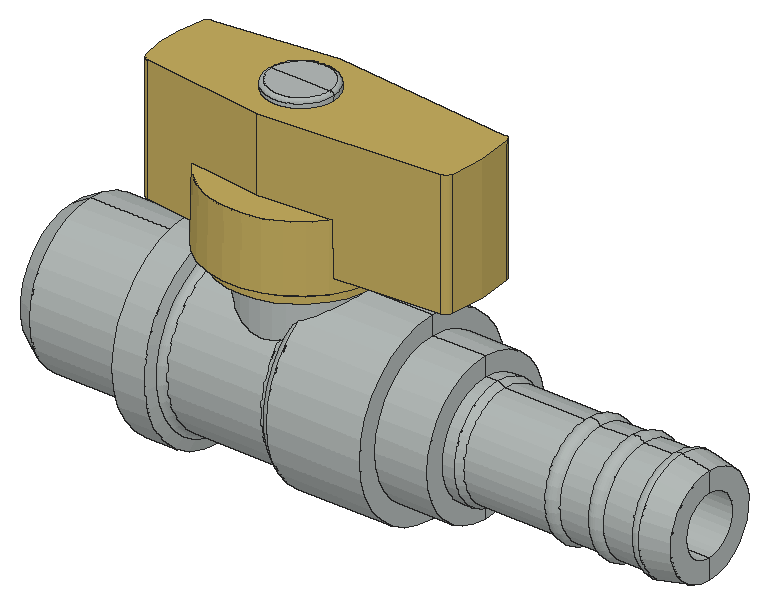
Revit family "QP21930000", category Apparecchi idraulici, Revit 2020
Family settings
  Quota connettore circolare = Usa diametro
  Tipo di parte = Normale
  Numero OmniClass = 23.45.00.00
  Titolo OmniClass = Sanitary, Laundry, and Cleaning Equipment
  Basato su piano di lavoro = No
  Sempre verticale = Sì
  Taglio con vuoti quando caricato = No
  Condiviso = No
  Punto di calcolo locali = No
Parameters
  URL = "https://web.cimberio.com/index.php/figura/133?subcategoria_id="
  Temperatura di esercizio = "-20 ÷ 60°C"
  Prospetto di default = 0 mm
  Produttore = "CIMBERIO SPA"
  Pressione nominale = "MOP 5"
  Modello = "Cim 170PG"
  Materiale = "Prodotto in lega di ottone conforme alla norma EN 12165-CW617N-DW"
  Descrizione = "Utilizzato nell’impiantistica distributiva di gas a bassa pressione per le categorie:\r\nGas naturali: gas derivati dal petrolio (Metano) e gas di ricambio.\r\nGas di città: prodotti secondo i diversi procedimenti (Cracking - Cokerie - ecc.).\r\nGas liquidi: propano e miscele di gas propano/butano"
  DN Model [instance] = QP21933110 : QP21933110
  DN [instance] = 8 mm
  Commenti sul tipo = "Realizzato in ottemperanza ai requisiti gestionali della norma EN ISO 9001.\r\nCollaudato al 100% secondo la normativa EN 12266-1"
Reference planes
  plane 1 "Centro (Fronte/Retro)": y = 0
  plane 2: z = 0
  plane 3 "Centro (Sinistra/Destra)": x = 0
Dimensions and locks
  aligned and locked: level to plane 2
Nested families
  nested 1: "QP21933110" at (0, 0, 0), type <- "DN Model", type "QP21933110"
  nested 2: "QP21933110" at (0, 0, 0), type <- "DN Model", type "QP21933110"
  nested 3: "QP21933110" at (0, 0, 0), type <- "DN Model", type "QP21933110"
  nested 4: "QP21933110" at (0, 0, 0), type <- "DN Model", type "QP21933110"
Connectors
  piping at (56.067, 0, 0), diameter 8, driven by "DN"
    settings: on nested 1, index 1, connector inside diameter 609.6 mm, connector length 0 mm, flow factor 0, pipe flow 0.0 L/s, pressure drop 0.0 Pa, fitting loss kfactor 0, connector angle 0.00°, fixture units 0, engagement length 0 mm, angle of deflection 0.00°, flow configuration 0, flow direction 0, fitting loss method 0, system type 7, joint type 0, gender type 0, connector reference index -1, connector utility 0, adjustable connector no, is connector primary yes, connector description ""
  piping at (-31.233, 0, 0), diameter 8, driven by "DN"
    settings: on nested 1, index 2, connector inside diameter 609.6 mm, connector length 0 mm, flow factor 0, pipe flow 0.0 L/s, pressure drop 0.0 Pa, fitting loss kfactor 0, connector angle 0.00°, fixture units 0, engagement length 0 mm, angle of deflection 0.00°, flow configuration 0, flow direction 0, fitting loss method 0, system type 7, joint type 0, gender type 0, connector reference index -1, connector utility 0, adjustable connector no, is connector primary no, connector description ""
Definition of nested family "QP21933110"
  Parameters (values of type "QP21933110")
    URL = ""
    Default Elevation = 0 mm
    Manufacturer = ""
    Model = ""
    Description = ""
    Type Comments = ""
  Reference planes
    plane 1 "Centro (Fronte/Retro)": y = 0
    plane 2: z = 0
    plane 3 "Centro (Sinistra/Destra)": x = 0
  Forms (mm)
    Revolve 1, solid
      sketch origin (0.744, 0, 1.406) x (1, 0, 0) y (0, 0, 1)
        loop
          line (11.146, 13.716) -> (10.988, 22.789) -> (-0.448, 22.789) -> (-0.448, 11.85) -> (9.552, 11.85) -> (9.552, 12.795) -> (11.146, 13.716)
        axis (-0.754, 11.85) -> (-0.754, 22.789)
      angle from 0 to 360
    Revolve 2, solid
      sketch origin (0.751, 0, 1.446) x (1, 0, 0) y (0, 0, 1)
        loop
          arc (3.746, 33.15) -> (3.6, 33.504) -> (3.246, 33.65) r 0.5
          line (3.246, 33.65) -> (-0.754, 33.65) -> (-0.754, 31.443) -> (3.746, 31.443) -> (3.746, 33.15)
        axis (-0.754, 33.65) -> (-0.754, 31.443)
      angle from 0 to 360
    Extrusion 3, solid
      sketch origin (1.758, 0, 1.45) x (1, 0, 0) y (0, 1, 0)
        loop
          arc (-19.114, 4.772) -> (-19.758, -0.042) -> (-19.091, -4.852) r 18
          arc (-19.091, -4.852) -> (-18.778, -5.343) -> (-18.244, -5.576) r 1
          line (-18.244, -5.576) -> (-1.755, -7.5) -> (21.908, -5.5)
          arc (21.908, -5.5) -> (22.493, -5.247) -> (22.806, -4.691) r 1
          arc (22.806, -4.691) -> (23.25, 0) -> (22.806, 4.691) r 25
          arc (22.806, 4.691) -> (22.489, 5.25) -> (21.897, 5.501) r 1
          line (21.897, 5.501) -> (-2.38, 7.425) -> (-18.27, 5.5)
          arc (-18.27, 5.5) -> (-18.802, 5.265) -> (-19.114, 4.772) r 1
      from 15.62 to 32.65
    Revolve 4, solid
      sketch origin (1.758, 0, 0) x (1, 0, 0) y (0, 0, 1)
        loop
          line (-0.754, 4.83) -> (7.416, 4.83) -> (7.416, 16.081) -> (-0.754, 16.081) -> (-0.754, 4.83)
        axis (-0.754, 16.081) -> (-0.754, 4.83)
      angle from 0 to 360
    Revolve 5, solid
      sketch origin (0, 0, 0) x (1, 0, 0) y (0, 0, 1)
        loop
          line (18.067, -12.494) -> (18.067, -9.994) -> (25.323, -9.994) -> (25.323, -4) -> (-15.233, -4) -> (-15.233, -13.244) -> (-10.898, -13.244) -> (-10.494, -11.735)
          arc (-10.494, -11.735) -> (-10.137, -11.201) -> (-9.528, -10.994) r 1
          line (-9.528, -10.994) -> (3.324, -10.994)
          arc (3.324, -10.994) -> (3.824, -11.128) -> (4.19, -11.494) r 1
          arc (4.19, -11.494) -> (4.647, -12.133) -> (5.344, -12.494) r 1.682
          line (5.344, -12.494) -> (18.067, -12.494)
        axis (-15.233, 0) -> (25.323, 0)
      angle from 0 to 360
    Revolve 6, solid
      sketch origin (0, 0, 0) x (1, 0, 0) y (0, 0, 1)
        loop
          line (56.067, 4.012) -> (56.067, 6.684) -> (52.327, 7.479)
          arc (52.327, 7.479) -> (51.628, 7.426) -> (51.067, 7.006) r 1.25
          line (51.067, 7.006) -> (47.067, 7.006)
          arc (47.067, 7.006) -> (46.067, 7.506) -> (45.067, 7.006) r 1.25
          line (45.067, 7.006) -> (41.067, 7.006)
          arc (41.067, 7.006) -> (40.067, 7.506) -> (39.067, 7.006) r 1.25
          line (39.067, 7.006) -> (27.933, 7.006) -> (27.067, 7.506) -> (25.067, 7.506) -> (25.067, 4.012) -> (56.067, 4.012)
        axis (56.067, 0) -> (25.067, 0)
      angle from 0 to 360
    Revolve 7, solid
      sketch origin (0, 0, 0) x (1, 0, 0) y (0, 0, 1)
        loop
          line (-15.233, 10.456) -> (-28.804, 10.456) -> (-31.233, 9.013) -> (-31.233, 4) -> (-15.233, 4) -> (-15.233, 10.456)
        axis (-31.233, 0) -> (-15.233, 0)
      angle from 0 to 360
  Dimensions and locks
    aligned and locked: level to plane 2
